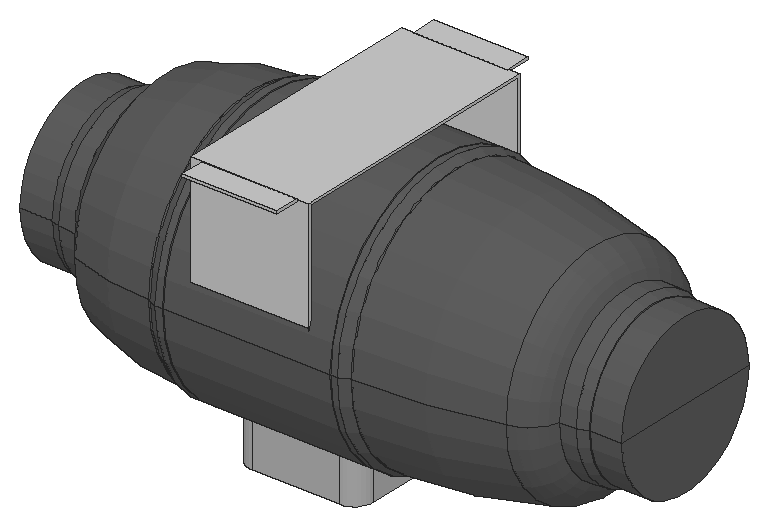
Revit family "90000359 - Aventa Silent AVS125 - BIM file", category Mechanical Equipment, Revit 2023
Family settings
  Round Connector Dimension = Use Diameter
  Classification = None
  Part Type = Breaks Into
  OmniClass Number = 23.75.35.17.11
  OmniClass Title = Fans for Air Ductwork
  Work Plane-Based = No
  Always vertical = No
  Cut with Voids When Loaded = No
  Maintain Annotation Orientation = No
  Shared = No
  Room Calculation Point = No
Parameters (values of type "Aventa Silent AVS125 Basic")
  Weight = 4.60 kg
  Voltage = 230 V
  URL = "https://www.airflow.com/"
  Type Comments = "Inline fan single speed up to 230m3/h"
  Transported Air Temperature (°C) = "-25...+60"
  RPM (min-1) = 2310
  R1 = D1 / 2  # 107 mm
  Protection rating = "IPX4"
  Power Factor = 1
  Number of Poles = 1
  Noise Level at 3 m (dBa) = 23
  Mounting Hanger [instance] = yes
  Material Finish = "Polymer Coated Steel"
  Maintenance Zone Length Calc = if(Maintenance Zone Length < L, L, Maintenance Zone Length)  # 600 mm
  L27 = 6 mm
  L26 = 8 mm
  L25 = L21 - L22 - L23 - L24 - L26 - L27  # 110 mm
  L24 = 24 mm
  L21 = 169 mm
  L17 = 6 mm
  L16 = 8 mm
  L15 = L11 - L12 - L13 - L14 - L16 - L17  # 69 mm
  L14 = 19 mm
  L11 = 123 mm
  HangerW = 93 mm
  HangerL1 = 208 mm
  HangerL = 208 mm
  HangerH = HangerBaseH  # 113 mm
  HangerExtraL = yes
  HangerBaseH = 113 mm
  Model = "Aventa Silent AVS125 Basic"
  Manufacturer = "Airflow"
  Maintenance Zone Width = 600 mm
  Maintenance Zone Material = Maintenance Zone
  Maintenance Zone Length = 600 mm
  Maintenance Zone Height = 600 mm
  Maintenance Zone [instance] = no
  Load Classification = HVAC
  L23 = 13 mm
  L22 = 8 mm
  L2 = 25 mm
  L13 = 13 mm
  L12 = 8 mm
  L1 = 25 mm
  L = 474 mm
  Hanger Material = Metal Zinc
  Flow direction symbol [instance] = yes
  Flow Factor [instance] = 1  # constant formula
  Family Version = "1.0"  # constant formula
  ElBoxW = 116 mm
  ElBoxR = 15 mm  # constant formula
  ElBoxL = 98 mm
  ElBoxH = 124 mm
  Distribution Box Material = Distribution Box Dark Grey
  Dimensions = "(H) 237 x (W) 474 x (D) 243mm"
  Description = "Inline mixed-flow fan suitable for domestic and light commercial facilities"
  Default Elevation = 0 mm
  Dd26 = 41 mm
  Dd24 = 26 mm
  Dd22 = 3 mm
  Dd23 = 4 mm
  Dd16 = 41 mm
  Dd14 = 28 mm
  Dd13 = 4 mm
  Dd12 = 3 mm
  D1 = 214 mm
  D = 125 mm
  Copyright = "©Airflow"
  Duct Connection Size = 125 mm
  Fan Material = Metal Black
  Maximum Air Flow = 230 m³/h
  Airflow part no = "90000359"
  Air Flow [instance] = 0 m³/h
  Power = 25 W
  Current = 0.11 A
  Apparent Power = Power / Power Factor  # 25 VA
Types (2, lengths in mm): name | Type Comments | Noise Level at 3 m (dBa) | Model | Maximum Air Flow | Airflow part no | Power | Current | Apparent Power
  Aventa Silent AVS125 Timer | "Inline fan single speed up to 340m3/h" | 28 | "Aventa Silent AVS125 Timer" | 340 m³/h | "90002119" | 30 W | 0.13 A | 30 VA
  Aventa Silent AVS125 Basic | "Inline fan single speed up to 230m3/h" | 23 | "Aventa Silent AVS125 Basic" | 230 m³/h | "90000359" | 25 W | 0.11 A | 25 VA
Reference planes
  plane 1 "Center (Front/Back)": y = 0
  plane 2: z = 0
  plane 3 "Center (Left/Right)": x = 0
  plane 4: y = 62.5
  plane 5: y = -62.5
  plane 6: y = 107
  plane 7: y = -107
  plane 8: x = 474
  plane 9 "C": x = 280
  plane 10: x = 148
  plane 11 "CenterL": x = 237
  plane 12: x = 25
  plane 13: x = 142
  plane 14: y = 65.5
  plane 15 "CenterOfCentralPart": x = 214
  plane 16: y = 58
  plane 17: y = -58
  plane 18: x = 165
  plane 19: x = 263
  plane 20 "ElBoxHeight": z = -124
  plane 21 "HangerHeight": z = 113
  plane 22: y = 66.5
  plane 23: y = 90.5
  plane 24: x = 65
  plane 25: x = 46
  plane 26: x = 33
  plane 27: x = 134
  plane 28: y = 103.5
  plane 29: x = 135
  plane 30: x = 286
  plane 31: y = 65.5
  plane 32: y = 66.5
  plane 33: y = 88.5
  plane 34: x = 404
  plane 35: x = 428
  plane 36: x = 441
  plane 37: x = 294
  plane 38: y = 103.5
  plane 39: x = 293
  plane 40: x = 449
Forms (mm)
  Revolve 1, solid, material "Metal Black" <- "Fan Material", detail levels medium+fine
    sketch origin (368, 0, 0) x (1, 0, 0) y (0, 1, 0)
      loop
        line (-343, 0) -> (-220, 0) -> (-220, 107) -> (-226, 107) -> (-233, 103.5) -> (-234, 103.5)
        arc (-234, 103.5) -> (-269.107, 100.222) -> (-303, 90.5) r 189.615
        arc (-303, 90.5) -> (-312.901, 78.817) -> (-322, 66.5) r 229.385
        line (-322, 66.5) -> (-335, 65.5) -> (-343, 62.5) -> (-343, 0)
      axis (-220, 0) -> (-343, 0)
    angle from 0 to 360
  Revolve 2, solid, material "Metal Black" <- "Fan Material", detail levels medium+fine
    sketch origin (368, 0, 0) x (1, 0, 0) y (0, 1, 0)
      loop
        line (81, 62.5) -> (81, 0) -> (106, 0) -> (106, 62.5) -> (81, 62.5)
      axis (106, 0) -> (81, 0)
    angle from 0 to 360
  Revolve 3, solid, material "Metal Black" <- "Fan Material", detail levels medium+fine
    sketch origin (368, 0, 0) x (1, 0, 0) y (0, 1, 0)
      loop
        line (-368, 62.5) -> (-368, 0) -> (-343, 0) -> (-343, 62.5) -> (-368, 62.5)
      axis (-343, 0) -> (-368, 0)
    angle from 0 to 360
  Revolve 4, solid, material "Metal Black" <- "Fan Material", detail levels medium+fine
    sketch origin (0, 0, 0) x (1, 0, 0) y (0, 1, 0)
      loop
        line (148, 107) -> (148, 0) -> (280, 0) -> (280, 107) -> (148, 107)
      axis (148, 0) -> (280, 0)
    angle from 0 to 360
  Extrusion 5, solid, material "Distribution Box Dark Grey" <- "Distribution Box Material", detail levels medium+fine
    sketch origin (0, 0, 0) x (1, 0, 0) y (0, 1, 0)
      loop
        arc (180, 58) -> (169.393, 53.607) -> (165, 43) r 15
        line (165, 43) -> (165, -43)
        arc (165, -43) -> (169.393, -53.607) -> (180, -58) r 15
        line (180, -58) -> (248, -58)
        arc (248, -58) -> (258.607, -53.607) -> (263, -43) r 15
        line (263, -43) -> (263, 43)
        arc (263, 43) -> (258.607, 53.607) -> (248, 58) r 15
        line (248, 58) -> (180, 58)
    from 0 to -124
  Revolve 6, solid, material "Metal Black" <- "Fan Material", detail levels medium+fine
    sketch origin (117, 0, 0) x (-1, 0, 0) y (0, 1, 0)
      loop
        line (-332, 0) -> (-163, 0) -> (-163, 107) -> (-169, 107) -> (-176, 103.5) -> (-177, 103.5)
        arc (-177, 103.5) -> (-232.509, 99.733) -> (-287, 88.5) r 410.833
        arc (-287, 88.5) -> (-301.639, 80.379) -> (-311, 66.5) r 35.882
        line (-311, 66.5) -> (-324, 65.5) -> (-332, 62.5) -> (-332, 0)
      axis (-163, 0) -> (-332, 0)
    angle from 0 to 360
Cuts and joins
  joined: Revolve 1, Revolve 3
Dimensions and locks
  equal spacing: plane 4, plane 1 "Center (Front/Back)", plane 5
  "D": plane 4 to plane 5
  equal spacing: plane 7, plane 1 "Center (Front/Back)", plane 6
  "D1": plane 6 to plane 7
  "L": plane 3 "Center (Left/Right)" to plane 8
  equal spacing: plane 3 "Center (Left/Right)", plane 11 "CenterL", plane 8
  "L1": plane 3 "Center (Left/Right)" to plane 12
  "Dd12": plane 14 to plane 4
  equal spacing: plane 10, plane 15 "CenterOfCentralPart", plane 9 "C"
  equal spacing: plane 17, plane 1 "Center (Front/Back)", plane 16
  "ElBoxW": plane 16 to plane 17
  equal spacing: plane 18, plane 15 "CenterOfCentralPart", plane 19
  "ElBoxL": plane 18 to plane 19
  "ElBoxH": level to plane 20 "ElBoxHeight"
  "HangerBaseH": plane 21 "HangerHeight" to level
  "Dd13": plane 22 to plane 4
  "Dd14": plane 23 to plane 4
  "L11": plane 12 to plane 10
  "L12": plane 12 to plane 26
  "L13": plane 26 to plane 25
  "L14": plane 25 to plane 24
  "L17": plane 13 to plane 10
  "L16": plane 27 to plane 13
  "Dd16": plane 28 to plane 4
  locked: plane 27 to plane 29 at 1
  "L23": plane 36 to plane 35
  "L24": plane 35 to plane 34
  "L26": plane 37 to plane 30
  locked: plane 37 to plane 39 at 1
  "L2": plane 40 to plane 8
  "L21": plane 9 "C" to plane 40
  "L22": plane 36 to plane 40
  "L27": plane 9 "C" to plane 30
  "Dd22": plane 31 to plane 4
  "Dd23": plane 32 to plane 4
  "Dd24": plane 33 to plane 4
  "Dd26": plane 38 to plane 4
  "ElBoxR": radius of Extrusion 5 sketch curve  (x4)
  aligned and locked: level to plane 2
  aligned and locked: Revolve 2 sketch curve to plane 4
  aligned and locked: Revolve 2 sketch curve to plane 8
  aligned and locked: Revolve 2 sketch curve to plane 1 "Center (Front/Back)"
  aligned and locked: Revolve 3 sketch curve to plane 4
  aligned and locked: Revolve 3 sketch curve to plane 1 "Center (Front/Back)"
  aligned and locked: plane 3 "Center (Left/Right)" to Revolve 3 sketch curve
  aligned and locked: plane 1 "Center (Front/Back)" to nested 1
  aligned and locked: nested 2 to level
  aligned and locked: plane 1 "Center (Front/Back)" to nested 3
  aligned and locked: nested 3 to plane 3 "Center (Left/Right)"
  aligned and locked: plane 1 "Center (Front/Back)" to nested 4
  aligned and locked: Revolve 4 sketch curve to plane 6
  aligned and locked: Revolve 4 sketch curve to nested 4
  aligned and locked: Revolve 4 sketch curve to Revolve 4 sketch curve  (x2)
  aligned and locked: plane 11 "CenterL" to nested 4
  aligned and locked: Revolve 4 sketch curve to plane 9 "C"
  aligned and locked: plane 15 "CenterOfCentralPart" to nested 1
  aligned and locked: Extrusion 5 sketch curve to plane 16
  aligned and locked: plane 18 to Extrusion 5 sketch curve
  aligned and locked: plane 17 to Extrusion 5 sketch curve
  aligned and locked: Extrusion 5 sketch curve to plane 19
  aligned and locked: Extrusion 5 to plane 20 "ElBoxHeight"
  aligned and locked: plane 15 "CenterOfCentralPart" to nested 2
  aligned and locked: nested 5 to plane 1 "Center (Front/Back)"
  aligned and locked: plane 15 "CenterOfCentralPart" to nested 5
  aligned and locked: Revolve 1 sketch curve to plane 1 "Center (Front/Back)"
  aligned and locked: plane 4 to Revolve 1 sketch curve
  aligned and locked: plane 1 "Center (Front/Back)" to Revolve 1 sketch curve
  aligned and locked: Revolve 1 sketch curve to plane 6
  aligned and locked: plane 29 to Revolve 1 sketch curve
  aligned and locked: plane 28 to Revolve 1 sketch curve
  aligned and locked: Revolve 6 sketch curve to plane 39
  aligned and locked: Revolve 6 sketch curve to plane 38
  aligned and locked: Revolve 2 to plane 40
Automatic sketch dimensions
  plane 1 "Center (Front/Back)" to Revolve 2 sketch curve = 0 mm
  Revolve 2 sketch curve to plane 8 = 25 mm
  Revolve 2 sketch curve to plane 3 "Center (Left/Right)" = 1632 mm
  Revolve 2 sketch curve to Revolve 2 sketch curve = 2138 mm
  plane 1 "Center (Front/Back)" to Revolve 3 sketch curve = 0 mm
  Revolve 3 sketch curve to plane 12 = 0 mm
  Revolve 3 sketch curve to plane 3 "Center (Left/Right)" = 1646 mm
  plane 8 to Revolve 3 sketch curve = 2149 mm
  Revolve 4 sketch curve to plane 10 = 0 mm
  Revolve 4 sketch curve to plane 11 "CenterL" = 0 mm
  Revolve 1 sketch curve to plane 12 = 0 mm
  Revolve 1 sketch curve to plane 14 = 0 mm
  Revolve 1 sketch curve to plane 26 = 0 mm
  Revolve 1 sketch curve to plane 22 = 0 mm
  Revolve 1 sketch curve to plane 25 = 0 mm
  Revolve 1 sketch curve to plane 23 = 0 mm
  Revolve 1 sketch curve to plane 24 = 0 mm
  Revolve 1 sketch curve to plane 27 = 0 mm
  Revolve 1 sketch curve to plane 13 = 0 mm
  Revolve 1 sketch curve to plane 10 = 0 mm
  Revolve 1 sketch curve to plane 5 = 1.062 mm
  Revolve 1 sketch curve to plane 3 "Center (Left/Right)" = 2000 mm
  plane 8 to Revolve 1 sketch curve = 1495 mm
  plane 1 "Center (Front/Back)" to Revolve 6 sketch curve = 0 mm  (x2)
  Revolve 6 sketch curve to plane 40 = 0 mm
  Revolve 6 sketch curve to plane 31 = 0 mm
  Revolve 6 sketch curve to plane 36 = 0 mm
  Revolve 6 sketch curve to plane 32 = 0 mm
  Revolve 6 sketch curve to plane 35 = 0 mm
  Revolve 6 sketch curve to plane 33 = 0 mm  (x2)
  Revolve 6 sketch curve to plane 34 = 0 mm
  Revolve 6 sketch curve to plane 37 = 0 mm
  Revolve 6 sketch curve to plane 6 = 0 mm
  Revolve 6 sketch curve to plane 30 = 0 mm
  Revolve 6 sketch curve to plane 9 "C" = 0 mm
  Revolve 6 sketch curve to plane 4 = 0 mm
  Revolve 6 sketch curve to plane 8 = 1980 mm
  plane 3 "Center (Left/Right)" to Revolve 6 sketch curve = 1515 mm
Nested families
  nested 1: "GraphicalSymbol_Fun_FlowDirection" at (214, 0, 0), visible <- "Flow direction symbol", type "GraphicalSymbol_Fun_FlowDirection", detail levels medium+fine
    with Length 50 mm, Height 50 mm, B 25 mm, A 16.667 mm
  nested 2: "GraphicalSymbol_Fun_FlowDirection" at (214, 0, 0) x (1, 0, 0) z (0, -1, 0), type "GraphicalSymbol_Fun_FlowDirection"
    with Length 50 mm, Height 50 mm, B 25 mm, A 16.667 mm
  nested 3: "GraphicalSymbol_Fan_1" at (237, 0, 0), type "GraphicalSymbol_Fan_1", detail levels coarse
    with Diameter 474 mm, A 118.5 mm
  nested 4: "MaintenanceZone_Rect" at (237, 0, 0), visible <- "Maintenance Zone", type "MaintenanceZone_Rect", detail levels medium+fine
    with Maintenance Zone Width 600 mm, Maintenance Zone Length 600 mm, Maintenance Zone Height 600 mm
  nested 5: "MountingHanger" at (214, 0, 113) x (0, 1, 0) z (0, 0, -1), visible <- "Mounting Hanger", type "MountingHanger", detail levels medium+fine
    with Width1 74.4 mm, Width 93 mm, Length2 248 mm, Length 208 mm, Lenght1Calc 207.5 mm, Length1 208 mm, Height 113 mm, ExtraLength yes
Connectors
  hvac at (0, 0, 0), driven by "Duct Connection Size", driven by "Air Flow"
    settings: on cut or joined group of Revolve 1, Revolve 3, index 4, duct flow 0 m³/h, flow factor 0, pres drop 0.0 Pa, loss coef 0, conn angle 0.00°, conn width 304.8 mm, conn height 304.8 mm, conn diameter 125 mm, duct sys type 29, conn prof type 0, flow config 0, flow direction 0, loss method 0, conn ref index 5, conn util no, is conn primary yes, conn desc ""
  hvac at (474, 0, 0), driven by "Duct Connection Size"
    settings: on Revolve 2, index 5, duct flow 0 m³/h, flow factor 0, pres drop 0.0 Pa, loss coef 0, conn angle 0.00°, conn width 304.8 mm, conn height 304.8 mm, conn diameter 125 mm, duct sys type 28, conn prof type 0, flow config 0, flow direction 0, loss method 0, conn ref index 4, conn util no, is conn primary no, conn desc ""
  electrical at (214, 0, -124), driven by "Number of Poles", driven by "Load Classification", driven by "Voltage", driven by "Apparent Power", driven by "Power Factor"
    settings: on Extrusion 5, index 6, voltage 230 V, apparent load 25 VA, apparent load phase1 0 VA, apparent load phase2 0 VA, apparent load phase3 0 VA, power factor 1, load classification "HVAC", number of poles 1, system type 30, power factor state 1, is connector primary yes, connector utility no, sub classification motor no, connector description ""
Definition of nested family "MaintenanceZone_Rect"
  Parameters (values of type "MaintenanceZone_Rect")
    Maintenance Zone Width = 500 mm
    Material = none
    Maintenance Zone Length = 1000 mm
    Maintenance Zone Height = 300 mm
    Family Version = ""
    Default Elevation = 1219.2 mm
    Copyright = ""
  Reference planes
    plane 1 "Center (Front/Back)": y = 0
    plane 2: z = 0
    plane 3 "Center (Left/Right)": x = 0
    plane 4: x = -500
    plane 5: x = 500
    plane 6: y = 250
    plane 7: y = -250
    plane 8: z = -300
  Forms (mm)
    Extrusion 1, solid, material <- "Material", detail levels medium+fine
      sketch origin (0, 0, 0) x (1, 0, 0) y (0, 1, 0)
        loop
          line (-500, 250) -> (-500, -250) -> (500, -250) -> (500, 250) -> (-500, 250)
      from 0 to -300
  Lines and regions (mm)
    symbolic lines, detail levels medium+fine
      curve 1: line (-500, 0, 0) -> (500, 0, 0)
      curve 2: line (-500, 0, -300) -> (-500, 0, 0)
      curve 3: line (500, 0, -300) -> (-500, 0, -300)
      curve 4: line (500, 0, 0) -> (500, 0, -300)
      curve 5: line (0, 250, 0) -> (0, -250, 0)
      curve 6: line (0, 250, -300) -> (0, 250, 0)
      curve 7: line (0, -250, -300) -> (0, 250, -300)
      curve 8: line (0, -250, 0) -> (0, -250, -300)
      curve 9: line (-500, 250, 0) -> (500, 250, 0)
      curve 10: line (-500, -250, 0) -> (-500, 250, 0)
      curve 11: line (500, -250, 0) -> (-500, -250, 0)
      curve 12: line (500, 250, 0) -> (500, -250, 0)
  Dimensions and locks
    equal spacing: plane 6, plane 1 "Center (Front/Back)", plane 7
    equal spacing: plane 4, plane 3 "Center (Left/Right)", plane 5
    "Maintenance Zone Width": plane 6 to plane 7
    "Maintenance Zone Length": plane 4 to plane 5
    "Maintenance Zone Height": plane 2 to plane 8
    aligned and locked: level to plane 2
    aligned and locked: Extrusion 1 sketch curve to plane 6
    aligned and locked: plane 4 to Extrusion 1 sketch curve
    aligned and locked: plane 7 to Extrusion 1 sketch curve
    aligned and locked: Extrusion 1 sketch curve to plane 5
    aligned and locked: Extrusion 1 to plane 8
    aligned and locked: curve 1 to Extrusion 1
    aligned and locked: curve 2 to Extrusion 1
    aligned and locked: curve 3 to Extrusion 1
    aligned and locked: curve 4 to Extrusion 1
    aligned and locked: curve 5 to Extrusion 1
    aligned and locked: curve 6 to Extrusion 1
    aligned and locked: curve 7 to Extrusion 1
    aligned and locked: curve 8 to Extrusion 1
    aligned and locked: curve 9 to Extrusion 1
    aligned and locked: curve 10 to Extrusion 1
    aligned and locked: curve 11 to Extrusion 1
    aligned and locked: curve 12 to Extrusion 1
Definition of nested family "MountingHanger"
  Parameters (values of type "MountingHanger")
    Width1 = Width * 0.8  # 160 mm
    Width = 200 mm
    Thikness = 2 mm
    Material = none
    Length2 = Length + 20 mm * 2  # 518 mm
    Length = 478 mm
    Lenght1Calc = if(Length1 = Length, Length - 0.5 mm, Length1)  # 396 mm
    Length1 = 396 mm
    Height1 = 10 mm
    Height = 219 mm
    ExtraLength = no
    Default Elevation = 1219.2 mm
  Reference planes
    plane 1 "Center (Front/Back)": y = 0
    plane 2: z = 0
    plane 3 "Center (Left/Right)": x = 0
    plane 4: x = -239
    plane 5: x = 239
    plane 6: y = 100
    plane 7: y = -100
    plane 8: z = 219
    plane 9: x = -198
    plane 10: x = 198
    plane 11: z = 209
    plane 12: y = 80
    plane 13: y = -80
    plane 14: x = -259
    plane 15: x = 259
    plane 16: x = -239
    plane 17: x = 239
  Forms (mm)
    Extrusion 1, solid, material <- "Material"
      sketch origin (0, 0, 0) x (1, 0, 0) y (0, 0, 1)
        loop
          line (-198, 209) -> (-239, 0) -> (239, 0) -> (198, 209) -> (198, 219) -> (196, 219) -> (196, 208.806) -> (236.57, 2) -> (-236.57, 2) -> (-196, 208.806) -> (-196, 219) -> (-198, 219) -> (-198, 209)
      from -100 to 100
    Extrusion 2, solid, material <- "Material", visible <- "ExtraLength"
      sketch origin (0, 0, 0) x (1, 0, 0) y (0, 1, 0)
        loop
          line (-259, 80) -> (-259, -80) -> (-239, -80) -> (-239, 80) -> (-259, 80)
        loop
          line (239, 80) -> (239, -80) -> (259, -80) -> (259, 80) -> (239, 80)
      from 0 to 2
  Dimensions and locks
    equal spacing: plane 4, plane 3 "Center (Left/Right)", plane 5
    "Length": plane 4 to plane 5
    plane 8 to level = 219 mm
    equal spacing: plane 6, plane 1 "Center (Front/Back)", plane 7
    "Width": plane 6 to plane 7
    "Height": plane 8 to level
    "Thikness": Extrusion 1 sketch curve to level
    "Thikness": Extrusion 1 sketch curve to Extrusion 1 sketch curve  (x2)
    "Thikness": Extrusion 1 sketch curve to plane 9
    "Thikness": plane 10 to Extrusion 1 sketch curve
    equal spacing: plane 9, plane 3 "Center (Left/Right)", plane 10
    "Lenght1Calc": plane 9 to plane 10
    "Height1": plane 8 to plane 11
    equal spacing: plane 12, plane 1 "Center (Front/Back)", plane 13
    "Width1": plane 12 to plane 13
    equal spacing: plane 14, plane 3 "Center (Left/Right)", plane 15
    "Length2": plane 14 to plane 15
    "Thikness": Extrusion 2 to level
    equal spacing: plane 16, plane 3 "Center (Left/Right)", plane 17
    "Length": plane 16 to plane 17
    aligned and locked: level to plane 2
    aligned and locked: plane 6 to Extrusion 1
    aligned and locked: Extrusion 1 to plane 7
    aligned and locked: plane 9 to Extrusion 1 sketch curve
    aligned and locked: plane 10 to Extrusion 1 sketch curve
    aligned and locked: Extrusion 2 sketch curve to plane 12  (x2)
    aligned and locked: plane 14 to Extrusion 2 sketch curve
    aligned and locked: plane 13 to Extrusion 2 sketch curve  (x2)
    aligned and locked: Extrusion 2 sketch curve to plane 16
    aligned and locked: plane 17 to Extrusion 2 sketch curve
    aligned and locked: Extrusion 2 sketch curve to plane 15
  Automatic sketch dimensions
    Extrusion 1 sketch curve to level = 0 mm
    Extrusion 1 sketch curve to plane 4 = 0 mm
    Extrusion 1 sketch curve to plane 5 = 0 mm
    Extrusion 1 sketch curve to plane 11 = 0 mm  (x2)
    Extrusion 1 sketch curve to plane 8 = 0 mm  (x2)
Definition of nested family "GraphicalSymbol_Fun_FlowDirection"
  Parameters (values of type "GraphicalSymbol_Fun_FlowDirection")
    Length = 100 mm
    Height = Length  # 100 mm
    B = Length / 2  # 50 mm
    A = Length / 3  # 33.333 mm
  Reference planes
    plane 1 "Center (Front/Back)": y = 0
    plane 2: z = 0
    plane 3 "Center (Left/Right)": x = 0
    plane 4: x = -33.333
    plane 5: x = 50
    plane 6: y = 50
    plane 7: y = -50
  Lines and regions (mm)
    detail lines, in view "Ref. Level"
      curve 1: line (-33.333, 50, 0) -> (-33.333, -50, 0)
      curve 2: line (50, 0, 0) -> (-33.333, -50, 0)
      curve 3: line (50, 0, 0) -> (-33.333, 50, 0)
  Dimensions and locks
    "A": plane 4 to plane 3 "Center (Left/Right)"
    "B": plane 3 "Center (Left/Right)" to plane 5
    equal spacing: plane 6, plane 1 "Center (Front/Back)", plane 7
    "Height": plane 6 to plane 7
    aligned and locked: curve 1 to plane 4
  Automatic sketch dimensions
    plane 1 "Center (Front/Back)" to curve 3 = 0 mm
    curve 3 to plane 5 = 0 mm
    curve 2 to plane 7 = 0 mm
    curve 3 to plane 6 = 0 mm
Definition of nested family "GraphicalSymbol_Fan_1"
  Parameters (values of type "GraphicalSymbol_Fan_1")
    Diameter = 100 mm
    Default Elevation = 1219.2 mm
    A = Diameter / 4  # 25 mm
  Reference planes
    plane 1 "Center (Front/Back)": y = 0
    plane 2: z = 0
    plane 3 "Center (Left/Right)": x = 0
    plane 4: x = -25
  Lines and regions (mm)
    model lines
      curve 1: circle (0, 0, 0) r 50 normal (0, 0, 1)
      curve 4: line (-25, 43.301, 0) -> (-25, -43.301, 0)
      curve 5: line (-25, 43.301, 0) -> (50, 0, 0)
      curve 6: line (-25, -43.301, 0) -> (50, 0, 0)
    reference lines
      curve 2: line (50, 141.389, 0) -> (50, -158.611, 0)
      curve 3: line (-50, 141.389, 0) -> (-50, -158.611, 0)
  Dimensions and locks
    equal spacing: curve 3, plane 3 "Center (Left/Right)", curve 2
    "Diameter": curve 3 to curve 2
    "A": plane 4 to plane 3 "Center (Left/Right)"
    "Diameter": diameter of curve 1
    aligned and locked: level to plane 2
  Automatic sketch dimensions
    curve 4 to plane 4 = 0 mm
    plane 1 "Center (Front/Back)" to curve 1 = 0 mm
    curve 1 to plane 3 "Center (Left/Right)" = 0 mm
    plane 1 "Center (Front/Back)" to curve 6 = 0 mm
    plane 1 "Center (Front/Back)" to curve 2 = 158.611 mm
    curve 3 to curve 2 = 0 mm  (x2)
    curve 3 to plane 1 "Center (Front/Back)" = 141.389 mm
